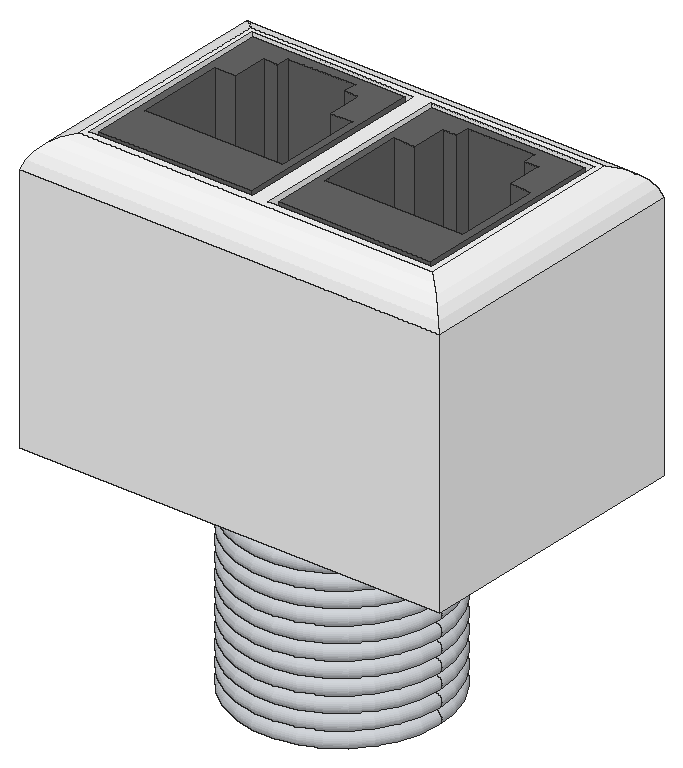
Revit family "3702A NX Fixture Dual Smart Port Adapter", category Communication Devices, host Face, Revit 2021
Family settings
  Host = Face
  Maintain Annotation Orientation = No
  Round Connector Dimension = Use Diameter
  Part Type = Normal
  OmniClass Number = 23.85.80.11.27
  OmniClass Title = Lighting Controls
  Cut with Voids When Loaded = No
  Shared = Yes
  Room Calculation Point = No
Parameters
  Warranty = "5-Years Warranty"  # constant formula
  Type Comments = "NX Fixture Dual Smart Port Adapter"  # constant formula
  Standby Power = "120VAC: 0.1,277VAC: 0.1,347VAC: 0.4"
  Product Page URL = ""
  Product Documentation Link = ""
  URL = "https://www.currentlighting.com/nxlightingcontrols"
  Model = "NX Fixture Dual Smart Port Adapter"  # constant formula
  Manufacturer = " NX Lighting Controls"  # constant formula
  Width = 14.50"
  Features = "Attractive, architecturally-pleasing decorator style design\r\n• Gang-able with other decorator type devices\r\n• Up to six buttons in a single gang\r\n• Plug and play integration with NX SmartPORT\r\n• Five-year limited warranty\r\n• Low voltage device: 24 VDC\r\n• Delivers simplified configuration and control of  Lighting\r\nluminaires using SpectraSync™ color tuning technology"
  Black = Paint -  Carbon Black
  Height = 18.26"
  White = Paint -  Matte White
  Description = "The Control Solutions NXFSP and NXDSP dual SmartPORT™ adapters allow for wired CAT5 interconnection of luminaires equipped with internal NXFM In-fixture modules."  # constant formula
  Default Elevation = 48.00"
  Copyright = "Copyright ©  NX Lighting Controls"  # constant formula
  Contact Us = ""
  Assembly Code = "D5090"
Reference planes (in)
  plane 1 "Center (Front/Back)": y = 13.01342
  plane 2: z = 0
  plane 3 "Center (Left/Right)": x = 0
  plane 4: z = 1
  plane 5: x = 0.75
  plane 6: x = -0.75
  plane 7: y = 13.51342
  plane 8: y = 12.51342
Forms (in)
  Extrusion 1, solid, material "Paint -  Matte White" <- "White"
    sketch origin (0, 0, 0) x (1, 0, 0) y (0, 1, 0)
      loop
        line (-0.75, 13.51342) -> (-0.75, 12.51342) -> (0.75, 12.51342) -> (0.75, 13.51342) -> (-0.75, 13.51342)
    from 1 to 0
  Revolve 2, solid
    sketch origin (0, 13.01342, 0) x (1, 0, 0) y (0, 0, 1)
      loop
        line (0, 0) -> (0, -0.72656) -> (0.3381, -0.72656)
        arc (0.3381, -0.72656) -> (0.35554, -0.69529) -> (0.328, -0.67241) r 0.02802
        arc (0.328, -0.67241) -> (0.35602, -0.6444) -> (0.328, -0.61638) r 0.02802
        arc (0.328, -0.61638) -> (0.35602, -0.58836) -> (0.328, -0.56034) r 0.02802
        arc (0.328, -0.56034) -> (0.35602, -0.53233) -> (0.328, -0.50431) r 0.02802
        arc (0.328, -0.50431) -> (0.35602, -0.47629) -> (0.328, -0.44828) r 0.02802
        arc (0.328, -0.44828) -> (0.35602, -0.42026) -> (0.328, -0.39224) r 0.02802
        arc (0.328, -0.39224) -> (0.35602, -0.36422) -> (0.328, -0.33621) r 0.02802
        arc (0.328, -0.33621) -> (0.35602, -0.30819) -> (0.328, -0.28017) r 0.02802
        arc (0.328, -0.28017) -> (0.35602, -0.25216) -> (0.328, -0.22414) r 0.02802
        arc (0.328, -0.22414) -> (0.35602, -0.19612) -> (0.328, -0.1681) r 0.02802
        arc (0.328, -0.1681) -> (0.35602, -0.14009) -> (0.328, -0.11207) r 0.02802
        arc (0.328, -0.11207) -> (0.35602, -0.08405) -> (0.328, -0.05603) r 0.02802
        arc (0.328, -0.05603) -> (0.35602, -0.02802) -> (0.328, 0) r 0.02802
        line (0.328, 0) -> (0, 0)
      axis (0, 0) -> (0, -0.72656)
    angle from 0 to 360
  Sweep 3, void
    path in 3D
      loop
        line (-0.75, 12.51342, 1) -> (0.75, 12.51342, 1) -> (0.75, 13.51342, 1) -> (-0.75, 13.51342, 1) -> (-0.75, 12.51342, 1)
    profile origin (-0.75, 13.01342, 1) x (1, 0, 0) y (0, 0, 1)
      loop
        line (0, 0) -> (0, -0.10963)
        spline (0, -0.10963) -> (0.00413, -0.09557) -> (0.00928, -0.08241) -> (0.01545, -0.07014) -> (0.02264, -0.05877) -> (0.03085, -0.04829) -> (0.04009, -0.03871) -> (0.05034, -0.03002) -> (0.06162, -0.02223) -> (0.07392, -0.01533) -> (0.08724, -0.00932) -> (0.10159, -0.00421) -> (0.11695, 0)
        line (0.11695, 0) -> (0, 0)
  Extrusion 4, void
    sketch origin (0, 0, 0) x (1, 0, 0) y (0, 1, 0)
      loop
        line (-0.61302, 13.37644) -> (-0.61302, 12.65037) -> (-0.02787, 12.65037) -> (-0.02787, 13.37644) -> (-0.61302, 13.37644)
      loop
        line (0.61305, 12.65037) -> (0.61305, 13.37644) -> (0.02787, 13.37644) -> (0.02787, 12.65037) -> (0.61305, 12.65037)
    from 1 to 0.36573
  Extrusion 5, solid, material "Paint -  Carbon Black" <- "Black"
    sketch origin (0, 0, 0) x (1, 0, 0) y (0, 1, 0)
      loop
        line (0.04787, 13.35644) -> (0.04787, 12.67037) -> (0.59305, 12.67037) -> (0.59305, 13.35644) -> (0.04787, 13.35644)
      loop
        line (0.07341, 12.84383) -> (0.5675, 12.84383) -> (0.5675, 13.15392) -> (0.491, 13.15392) -> (0.491, 13.27851) -> (0.44072, 13.27851) -> (0.44072, 13.32442) -> (0.2002, 13.32442) -> (0.2002, 13.27851) -> (0.14992, 13.27851) -> (0.14992, 13.15392) -> (0.07341, 13.15392) -> (0.07341, 12.84383)
      loop
        line (-0.04787, 13.35644) -> (-0.59305, 13.35644) -> (-0.59305, 12.67037) -> (-0.04787, 12.67037) -> (-0.04787, 13.35644)
      loop
        line (-0.07341, 12.84383) -> (-0.07341, 13.15392) -> (-0.14992, 13.15392) -> (-0.14992, 13.27851) -> (-0.2002, 13.27851) -> (-0.2002, 13.32442) -> (-0.44072, 13.32442) -> (-0.44072, 13.27851) -> (-0.491, 13.27851) -> (-0.491, 13.15392) -> (-0.5675, 13.15392) -> (-0.5675, 12.84383) -> (-0.07341, 12.84383)
    from 1 to 0.4
  Extrusion 6, solid, material "Paint -  Carbon Black" <- "Black"
    sketch origin (0.44873, 0.19346, 0) x (0, 1, 0) y (0, 0, 1)
      loop
        line (12.65037, 0.86573) -> (12.65037, 0.68287) -> (12.75606, 0.82311)
        arc (12.75606, 0.82311) -> (12.75862, 0.851) -> (12.73481, 0.86573) r 0.02661
        line (12.73481, 0.86573) -> (12.65037, 0.86573)
    from 0.06 to 0.05
  Extrusion 7, solid, material "Paint -  Carbon Black" <- "Black"
    sketch origin (0.10632, 0.19346, 0) x (0, 1, 0) y (0, 0, 1)
      loop
        line (12.65037, 0.86573) -> (12.65037, 0.68287) -> (12.75606, 0.82311)
        arc (12.75606, 0.82311) -> (12.75862, 0.851) -> (12.73481, 0.86573) r 0.02661
        line (12.73481, 0.86573) -> (12.65037, 0.86573)
    from 0.06 to 0.05
  Extrusion 8, solid, material "Paint -  Carbon Black" <- "Black"
    sketch origin (0.39981, 0.19346, 0) x (0, 1, 0) y (0, 0, 1)
      loop
        line (12.65037, 0.86573) -> (12.65037, 0.68287) -> (12.75606, 0.82311)
        arc (12.75606, 0.82311) -> (12.75862, 0.851) -> (12.73481, 0.86573) r 0.02661
        line (12.73481, 0.86573) -> (12.65037, 0.86573)
    from 0.06 to 0.05
  Extrusion 9, solid, material "Paint -  Carbon Black" <- "Black"
    sketch origin (0.3509, 0.19346, 0) x (0, 1, 0) y (0, 0, 1)
      loop
        line (12.65037, 0.86573) -> (12.65037, 0.68287) -> (12.75606, 0.82311)
        arc (12.75606, 0.82311) -> (12.75862, 0.851) -> (12.73481, 0.86573) r 0.02661
        line (12.73481, 0.86573) -> (12.65037, 0.86573)
    from 0.06 to 0.05
  Extrusion 10, solid, material "Paint -  Carbon Black" <- "Black"
    sketch origin (0.30198, 0.19346, 0) x (0, 1, 0) y (0, 0, 1)
      loop
        line (12.65037, 0.86573) -> (12.65037, 0.68287) -> (12.75606, 0.82311)
        arc (12.75606, 0.82311) -> (12.75862, 0.851) -> (12.73481, 0.86573) r 0.02661
        line (12.73481, 0.86573) -> (12.65037, 0.86573)
    from 0.06 to 0.05
  Extrusion 11, solid, material "Paint -  Carbon Black" <- "Black"
    sketch origin (0.25306, 0.19346, 0) x (0, 1, 0) y (0, 0, 1)
      loop
        line (12.65037, 0.86573) -> (12.65037, 0.68287) -> (12.75606, 0.82311)
        arc (12.75606, 0.82311) -> (12.75862, 0.851) -> (12.73481, 0.86573) r 0.02661
        line (12.73481, 0.86573) -> (12.65037, 0.86573)
    from 0.06 to 0.05
  Extrusion 12, solid, material "Paint -  Carbon Black" <- "Black"
    sketch origin (0.20415, 0.19346, 0) x (0, 1, 0) y (0, 0, 1)
      loop
        line (12.65037, 0.86573) -> (12.65037, 0.68287) -> (12.75606, 0.82311)
        arc (12.75606, 0.82311) -> (12.75862, 0.851) -> (12.73481, 0.86573) r 0.02661
        line (12.73481, 0.86573) -> (12.65037, 0.86573)
    from 0.06 to 0.05
  Extrusion 13, solid, material "Paint -  Carbon Black" <- "Black"
    sketch origin (0.15523, 0.19346, 0) x (0, 1, 0) y (0, 0, 1)
      loop
        line (12.65037, 0.86573) -> (12.65037, 0.68287) -> (12.75606, 0.82311)
        arc (12.75606, 0.82311) -> (12.75862, 0.851) -> (12.73481, 0.86573) r 0.02661
        line (12.73481, 0.86573) -> (12.65037, 0.86573)
    from 0.06 to 0.05
  Extrusion 14, solid, material "Paint -  Carbon Black" <- "Black"
    sketch origin (-0.19219, 0.19346, 0) x (0, 1, 0) y (0, 0, 1)
      loop
        line (12.65037, 0.86573) -> (12.65037, 0.68287) -> (12.75606, 0.82311)
        arc (12.75606, 0.82311) -> (12.75862, 0.851) -> (12.73481, 0.86573) r 0.02661
        line (12.73481, 0.86573) -> (12.65037, 0.86573)
    from 0.06 to 0.05
  Extrusion 15, solid, material "Paint -  Carbon Black" <- "Black"
    sketch origin (-0.5346, 0.19346, 0) x (0, 1, 0) y (0, 0, 1)
      loop
        line (12.65037, 0.86573) -> (12.65037, 0.68287) -> (12.75606, 0.82311)
        arc (12.75606, 0.82311) -> (12.75862, 0.851) -> (12.73481, 0.86573) r 0.02661
        line (12.73481, 0.86573) -> (12.65037, 0.86573)
    from 0.06 to 0.05
  Extrusion 16, solid, material "Paint -  Carbon Black" <- "Black"
    sketch origin (-0.2411, 0.19346, 0) x (0, 1, 0) y (0, 0, 1)
      loop
        line (12.65037, 0.86573) -> (12.65037, 0.68287) -> (12.75606, 0.82311)
        arc (12.75606, 0.82311) -> (12.75862, 0.851) -> (12.73481, 0.86573) r 0.02661
        line (12.73481, 0.86573) -> (12.65037, 0.86573)
    from 0.06 to 0.05
  Extrusion 17, solid, material "Paint -  Carbon Black" <- "Black"
    sketch origin (-0.29002, 0.19346, 0) x (0, 1, 0) y (0, 0, 1)
      loop
        line (12.65037, 0.86573) -> (12.65037, 0.68287) -> (12.75606, 0.82311)
        arc (12.75606, 0.82311) -> (12.75862, 0.851) -> (12.73481, 0.86573) r 0.02661
        line (12.73481, 0.86573) -> (12.65037, 0.86573)
    from 0.06 to 0.05
  Extrusion 18, solid, material "Paint -  Carbon Black" <- "Black"
    sketch origin (-0.33894, 0.19346, 0) x (0, 1, 0) y (0, 0, 1)
      loop
        line (12.65037, 0.86573) -> (12.65037, 0.68287) -> (12.75606, 0.82311)
        arc (12.75606, 0.82311) -> (12.75862, 0.851) -> (12.73481, 0.86573) r 0.02661
        line (12.73481, 0.86573) -> (12.65037, 0.86573)
    from 0.06 to 0.05
  Extrusion 19, solid, material "Paint -  Carbon Black" <- "Black"
    sketch origin (-0.38785, 0.19346, 0) x (0, 1, 0) y (0, 0, 1)
      loop
        line (12.65037, 0.86573) -> (12.65037, 0.68287) -> (12.75606, 0.82311)
        arc (12.75606, 0.82311) -> (12.75862, 0.851) -> (12.73481, 0.86573) r 0.02661
        line (12.73481, 0.86573) -> (12.65037, 0.86573)
    from 0.06 to 0.05
  Extrusion 20, solid, material "Paint -  Carbon Black" <- "Black"
    sketch origin (-0.43677, 0.19346, 0) x (0, 1, 0) y (0, 0, 1)
      loop
        line (12.65037, 0.86573) -> (12.65037, 0.68287) -> (12.75606, 0.82311)
        arc (12.75606, 0.82311) -> (12.75862, 0.851) -> (12.73481, 0.86573) r 0.02661
        line (12.73481, 0.86573) -> (12.65037, 0.86573)
    from 0.06 to 0.05
  Extrusion 21, solid, material "Paint -  Carbon Black" <- "Black"
    sketch origin (-0.48568, 0.19346, 0) x (0, 1, 0) y (0, 0, 1)
      loop
        line (12.65037, 0.86573) -> (12.65037, 0.68287) -> (12.75606, 0.82311)
        arc (12.75606, 0.82311) -> (12.75862, 0.851) -> (12.73481, 0.86573) r 0.02661
        line (12.73481, 0.86573) -> (12.65037, 0.86573)
    from 0.06 to 0.05
Cuts and joins
  Sweep 3, Extrusion 4 cuts Extrusion 1
Lines and regions (in)
  sketch lines
    curve 1: line (-0.75, 13.51342, 1) -> (-0.75, 12.51342, 1)
    curve 2: line (0.75, 13.51342, 1) -> (-0.75, 13.51342, 1)
    curve 3: line (0.75, 12.51342, 1) -> (0.75, 13.51342, 1)
    curve 4: line (-0.75, 12.51342, 1) -> (0.75, 12.51342, 1)
Dimensions and locks (in)
  plane 4 to plane 2 = 1.00"
  equal spacing: group 2, group 8, group 7, group 6, group 5, group 4, group 3, group 1
  equal spacing: group 1, group 3, group 4, group 5, group 6, group 7, group 8, group 2  (x2)
  aligned and locked: plane 2 to host face
  aligned and locked: level to host face
